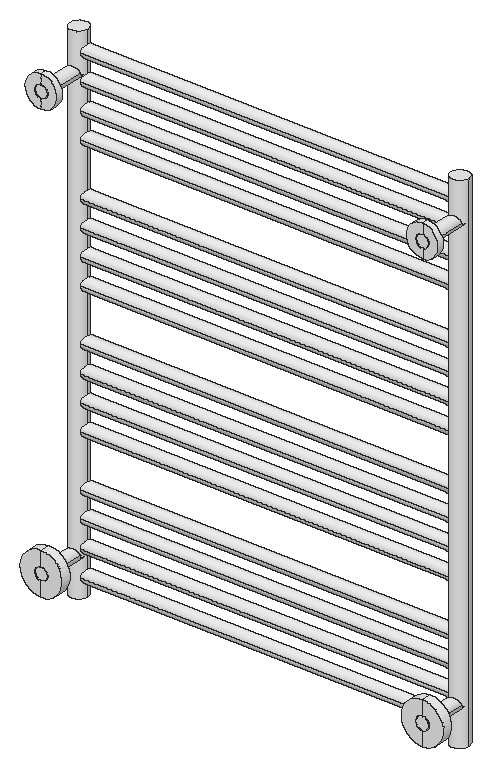
Revit family "ML-4", category Generic Models, host Wall, Revit 2017
Family settings
  Host = Wall
  Can host rebar = No
  Round Connector Dimension = Use Diameter
  Part Type = Normal
  Always vertical = Yes
  Cut with Voids When Loaded = No
  Shared = No
  Room Calculation Point = No
Parameters (values of type "600")
  URL = "http://www.sentakia.com/vesikiertoiset-pyyhekuivaimet/"
  Teho = "kromi: 224 W maalattu: 291 W"
  Sentakia_Material_Default = Stainless Steel, Polished_sentakia
  RAL-väri [instance] = no
  RAL-koodi [instance] = ""
  Model = "ML-4/600"
  Materiaali = "kromattu messinki (CuZn36As)"
  Manufacturer = "Sentakia Oy"
  Leveys = 600 mm
  LVI = "5487505"
  Keynote = "6120"
  Height = 800 mm  # constant formula
  EAN = "4770046008310"
  Depth = 88 mm  # constant formula
  Assembly Code = ""
Types (3, lengths in mm): name | Teho | Model | Leveys | LVI | EAN
  350 | "kromi: 163 W maalattu: 212 W" | "ML-4/350" | 350 | "5487503" | "4770046008297"
  500 | "kromi: 200 W maalattu: 260 W" | "ML-4/500" | 500 | "5487504" | "4770046008303"
  600 | "kromi: 224 W maalattu: 291 W" | "ML-4/600" | 600 | "5487505" | "4770046008310"
Reference planes
  plane 1 "Wall": y = 0
  plane 2 "Center (Left/Right)": x = 125
  plane 3 "Back": y = 75
  plane 4: z = 1860
  plane 5: y = 163
  plane 6: y = 135
  plane 7 "Center of lower handler": z = 1120
  plane 8: z = 1800
  plane 9: z = 1130
  plane 10: z = 1110
  plane 11 "r": x = 425
  plane 12 "l": x = -175
  plane 13: y = 149
  plane 14: y = 159
  plane 15: y = 139
  plane 16 "Tikas 6": z = 1624.444
  plane 17 "Tikas 8": z = 1542.222
  plane 18 "Tikas9": z = 1501.111
  plane 19 "Bottom": z = 1060
  plane 20 "Tikas 7": z = 1583.333
  plane 21 "Tikas 3": z = 1747.778
  plane 22 "Tikas 1": z = 1830
  plane 23 "Tikas 4": z = 1706.667
  plane 24 "Tikas 2": z = 1788.889
  plane 25 "Tikas 5": z = 1665.556
  plane 26 "Tikas10": z = 1460
  plane 27 "Tikas 11": z = 1418.889
  plane 28 "Tikas 12": z = 1377.778
  plane 29 "Tikas 13": z = 1336.667
  plane 30 "Tikas 14": z = 1295.556
  plane 31 "Tikas 15": z = 1254.444
  plane 32 "Tikas 16": z = 1213.333
  plane 33 "Tikas 17": z = 1172.222
  plane 34 "Tikas 18": z = 1131.111
  plane 35 "Tikas 19": z = 1090
Forms (mm)
  Extrusion 1, solid, material "Stainless Steel, Polished_sentakia" <- "Sentakia_Material_Default", detail levels medium+fine
    sketch origin (0, 0, 0) x (1, 0, 0) y (0, 0, 1)
      loop
        circle (425, 1120) r 10
    from -149 to -75
  Extrusion 2, solid, material "Stainless Steel, Polished_sentakia" <- "Sentakia_Material_Default", detail levels medium+fine
    sketch origin (0, 0, 0) x (1, 0, 0) y (0, 0, 1)
      loop
        circle (-175, 1120) r 10
    from -149 to -75
  Extrusion 3, solid, material "Stainless Steel, Polished_sentakia" <- "Sentakia_Material_Default", detail levels medium+fine
    sketch origin (0, 0, 310) x (1, 0, 0) y (0, 0, 1)
      loop
        circle (-175, 1490) r 10
    from -149 to -75
  Extrusion 4, solid, material "Stainless Steel, Polished_sentakia" <- "Sentakia_Material_Default", detail levels medium+fine
    sketch origin (0, 0, 0) x (1, 0, 0) y (0, 1, 0)
      loop
        circle (-175, 149) r 14
    from 1060 to 1860
  Extrusion 5, solid, material "Stainless Steel, Polished_sentakia" <- "Sentakia_Material_Default", detail levels medium+fine
    sketch origin (0, 0, 0) x (1, 0, 0) y (0, 1, 0)
      loop
        circle (425, 149) r 14
    from 1060 to 1860
  Revolve 6, solid, material "Stainless Steel, Polished_sentakia" <- "Sentakia_Material_Default", detail levels medium+fine
    sketch origin (425, 0, 0) x (0, 0, 1) y (0, 1, 0)
      loop
        line (1130, 75.434) -> (1153, 75.434) -> (1153, 90.434) -> (1130, 100.434) -> (1130, 75.434)
      axis (1120, 75.434) -> (1120, 100.434)
    angle from 0 to 360
  Revolve 7, solid, material "Stainless Steel, Polished_sentakia" <- "Sentakia_Material_Default", detail levels medium+fine
    sketch origin (-175, 0, 0) x (0, 0, 1) y (0, 1, 0)
      loop
        line (1130, 75) -> (1153, 75) -> (1153, 90) -> (1130, 100) -> (1130, 75)
      axis (1120, 75) -> (1120, 100)
    angle from 0 to 360
  Extrusion 8, solid, material "Stainless Steel, Polished_sentakia" <- "Sentakia_Material_Default", detail levels medium+fine
    sketch origin (125, 0, 0) x (0, 1, 0) y (0, 0, 1)
      loop
        circle (149, 1624.444) r 10
    from -300 to 300
  Extrusion 9, solid, material "Stainless Steel, Polished_sentakia" <- "Sentakia_Material_Default", detail levels medium+fine
    sketch origin (125, 0, -160) x (0, 1, 0) y (0, 0, 1)
      loop
        circle (149, 1702.222) r 10
    from -300 to 300
  Extrusion 10, solid, material "Stainless Steel, Polished_sentakia" <- "Sentakia_Material_Default", detail levels medium+fine
    sketch origin (125, 0, -320) x (0, 1, 0) y (0, 0, 1)
      loop
        circle (149, 1821.111) r 10
    from -300 to 300
  Revolve 11, solid, material "Stainless Steel, Polished_sentakia" <- "Sentakia_Material_Default", detail levels medium+fine
    sketch origin (425, 0, 0) x (0, 0, 1) y (0, 1, 0)
      loop
        line (1810, 75) -> (1825, 75) -> (1825, 85) -> (1810, 85) -> (1810, 75)
      axis (1800, 75) -> (1800, 85)
    angle from 0 to 360
  Revolve 12, solid, material "Stainless Steel, Polished_sentakia" <- "Sentakia_Material_Default", detail levels medium+fine
    sketch origin (-175, 0, 0) x (0, 0, 1) y (0, 1, 0)
      loop
        line (1810, 75) -> (1825, 75) -> (1825, 85) -> (1810, 85) -> (1810, 75)
      axis (1800, 75) -> (1800, 85)
    angle from 0 to 360
  Extrusion 13, solid, material "Stainless Steel, Polished_sentakia" <- "Sentakia_Material_Default", detail levels medium+fine
    sketch origin (0, 0, 0) x (1, 0, 0) y (0, 0, 1)
      loop
        circle (425, 1800) r 10
    from -149 to -75
  Extrusion 14, solid, material "Stainless Steel, Polished_sentakia" <- "Sentakia_Material_Default", detail levels coarse
    sketch origin (125, 0, 0) x (0, 1, 0) y (0, 0, 1)
      loop
        line (163, 1860) -> (75, 1860) -> (75, 1060) -> (163, 1060) -> (163, 1860)
    from -300 to 300
  Extrusion 15, solid, material "Stainless Steel, Polished_sentakia" <- "Sentakia_Material_Default", detail levels medium+fine
    sketch origin (125, 0, 22.057) x (0, 1, 0) y (0, 0, 1)
      loop
        circle (149, 1561.276) r 10
    from -300 to 300
  Extrusion 16, solid, material "Stainless Steel, Polished_sentakia" <- "Sentakia_Material_Default", detail levels medium+fine
    sketch origin (125, 0, 153.333) x (0, 1, 0) y (0, 0, 1)
      loop
        circle (149, 1594.444) r 10
    from -300 to 300
  Extrusion 17, solid, material "Stainless Steel, Polished_sentakia" <- "Sentakia_Material_Default", detail levels medium+fine
    sketch origin (125, 0, 306.667) x (0, 1, 0) y (0, 0, 1)
      loop
        circle (149, 1523.333) r 10
    from -300 to 300
  Extrusion 18, solid, material "Stainless Steel, Polished_sentakia" <- "Sentakia_Material_Default", detail levels medium+fine
    sketch origin (125, 0, 213.333) x (0, 1, 0) y (0, 0, 1)
      loop
        circle (149, 1575.556) r 10
    from -300 to 300
  Extrusion 19, solid, material "Stainless Steel, Polished_sentakia" <- "Sentakia_Material_Default", detail levels medium+fine
    sketch origin (125, 0, 73.333) x (0, 1, 0) y (0, 0, 1)
      loop
        circle (149, 1633.333) r 10
    from -300 to 300
  Extrusion 20, solid, material "Stainless Steel, Polished_sentakia" <- "Sentakia_Material_Default", detail levels medium+fine
    sketch origin (125, 0, -520) x (0, 1, 0) y (0, 0, 1)
      loop
        circle (149, 1938.889) r 10
    from -300 to 300
  Extrusion 21, solid, material "Stainless Steel, Polished_sentakia" <- "Sentakia_Material_Default", detail levels medium+fine
    sketch origin (125, 0, -550) x (0, 1, 0) y (0, 0, 1)
      loop
        circle (149, 1927.778) r 10
    from -300 to 300
  Extrusion 22, solid, material "Stainless Steel, Polished_sentakia" <- "Sentakia_Material_Default", detail levels medium+fine
    sketch origin (125, 0, -575) x (0, 1, 0) y (0, 0, 1)
      loop
        circle (149, 1911.667) r 10
    from -300 to 300
  Extrusion 23, solid, material "Stainless Steel, Polished_sentakia" <- "Sentakia_Material_Default", detail levels medium+fine
    sketch origin (125, 0, -630) x (0, 1, 0) y (0, 0, 1)
      loop
        circle (149, 1925.556) r 10
    from -300 to 300
  Extrusion 24, solid, material "Stainless Steel, Polished_sentakia" <- "Sentakia_Material_Default", detail levels medium+fine
    sketch origin (125, 0, -712.222) x (0, 1, 0) y (0, 0, 1)
      loop
        circle (149, 1925.556) r 10
    from -300 to 300
  Extrusion 25, solid, material "Stainless Steel, Polished_sentakia" <- "Sentakia_Material_Default", detail levels medium+fine
    sketch origin (125, 0, -753.333) x (0, 1, 0) y (0, 0, 1)
      loop
        circle (149, 1925.556) r 10
    from -300 to 300
  Extrusion 26, solid, material "Stainless Steel, Polished_sentakia" <- "Sentakia_Material_Default", detail levels medium+fine
    sketch origin (125, 0, -794.444) x (0, 1, 0) y (0, 0, 1)
      loop
        circle (149, 1925.556) r 10
    from -300 to 300
  Extrusion 27, solid, material "Stainless Steel, Polished_sentakia" <- "Sentakia_Material_Default", detail levels medium+fine
    sketch origin (125, 0, -835.556) x (0, 1, 0) y (0, 0, 1)
      loop
        circle (149, 1925.556) r 10
    from -300 to 300
Cuts and joins
  joined: Extrusion 4, Extrusion 5, Extrusion 8, Extrusion 9, Extrusion 10, Extrusion 15, Extrusion 16, Extrusion 17, Extrusion 18, Extrusion 19, Extrusion 20, Extrusion 21, Extrusion 22, Extrusion 23, Extrusion 24, Extrusion 25, Extrusion 26, Extrusion 27
Text (mm)
  text "Placement Side" at (-1848.837, 1116.779, 0), in view "Ref. Level"
  text "Placement side" at (0, 1409.804, 2854.306), in view "Left"
  text "Placement side" at (0, 499.811, 2980.732), in view "Right"
Dimensions and locks
  locked: plane 3 "Back" to host wall
  "Depth": plane 5 to host wall
  locked: plane 5 to plane 6 at 28
  "Leveys": plane 12 "l" to plane 11 "r"
  plane 8 to level = 1800 mm
  locked: host wall to plane 13 at 74
  locked: plane 14 to plane 15 at 20
  plane 19 "Bottom" to plane 7 "Center of lower handler" = 60 mm  (x2)
  plane 4 to plane 8 = 60 mm
  plane 8 to plane 7 "Center of lower handler" = 680 mm
  equal spacing: plane 12 "l", plane 2 "Center (Left/Right)", plane 11 "r"
  "Height": plane 19 "Bottom" to plane 4
  equal spacing: plane 35 "Tikas 19", plane 34 "Tikas 18", plane 33 "Tikas 17", plane 32 "Tikas 16", plane 31 "Tikas 15", plane 30 "Tikas 14", plane 29 "Tikas 13", plane 28 "Tikas 12", plane 27 "Tikas 11", plane 26 "Tikas10", plane 18 "Tikas9", plane 17 "Tikas 8", plane 20 "Tikas 7", plane 16 "Tikas 6", plane 25 "Tikas 5", plane 23 "Tikas 4", plane 21 "Tikas 3", plane 24 "Tikas 2", plane 22 "Tikas 1"
  plane 7 "Center of lower handler" to plane 8 = 680 mm
  aligned and locked: plane 1 "Wall" to host wall
  aligned and locked: Extrusion 1 to host wall
  aligned and locked: Extrusion 2 to host wall
  aligned and locked: Extrusion 3 to host wall
  aligned and locked: Extrusion 2 to plane 13
  aligned and locked: Extrusion 1 to Extrusion 2
  aligned and locked: plane 4 to Extrusion 4
  aligned and locked: plane 4 to Extrusion 5
  aligned and locked: plane 12 "l" to Extrusion 8
  aligned and locked: Extrusion 8 to plane 11 "r"
  aligned and locked: Extrusion 10 to plane 11 "r"
  aligned and locked: plane 12 "l" to Extrusion 10
  aligned and locked: Extrusion 9 to plane 11 "r"
  aligned and locked: plane 12 "l" to Extrusion 9
  aligned and locked: Revolve 11 sketch curve to plane 8
  aligned and locked: Revolve 12 sketch curve to plane 8
  aligned and locked: Extrusion 13 to host wall
  aligned and locked: plane 12 "l" to Extrusion 3 sketch curve
  aligned and locked: plane 7 "Center of lower handler" to Revolve 7 sketch curve
  aligned and locked: Revolve 6 sketch curve to plane 7 "Center of lower handler"
  aligned and locked: plane 11 "r" to Extrusion 13 sketch curve
  aligned and locked: plane 8 to Extrusion 13 sketch curve
  aligned and locked: Extrusion 3 to Extrusion 13
  aligned and locked: Extrusion 13 to plane 13
  aligned and locked: plane 3 "Back" to Revolve 7
  aligned and locked: cut or joined group 1 (Extrusion 4, Extrusion 5, Extrusion 8, Extrusion 9, Extrusion 10, Extrusion 15, Extrusion 16, Extrusion 17, Extrusion 18, Extrusion 19, Extrusion 20, Extrusion 21, Extrusion 22, Extrusion 23, Extrusion 24, Extrusion 25, Extrusion 26, Extrusion 27) to plane 19 "Bottom"  (x2)
  aligned and locked: plane 4 to Extrusion 14
  aligned and locked: Extrusion 14 to cut or joined group 1
  aligned and locked: Extrusion 14 to plane 11 "r"
  aligned and locked: plane 12 "l" to Extrusion 14
  aligned and locked: Extrusion 14 to host wall
  aligned and locked: Extrusion 15 to plane 11 "r"
  aligned and locked: plane 12 "l" to Extrusion 15
  aligned and locked: plane 12 "l" to Extrusion 16
  aligned and locked: Extrusion 16 to plane 11 "r"
  aligned and locked: Extrusion 17 to plane 11 "r"
  aligned and locked: plane 12 "l" to Extrusion 17
  aligned and locked: Extrusion 19 to plane 11 "r"
  aligned and locked: plane 12 "l" to Extrusion 19
  aligned and locked: Extrusion 18 to plane 11 "r"
  aligned and locked: plane 12 "l" to Extrusion 18
  aligned and locked: Extrusion 20 to plane 11 "r"
  aligned and locked: Extrusion 21 to plane 11 "r"
  aligned and locked: Extrusion 22 to plane 11 "r"
  aligned and locked: Extrusion 23 to plane 11 "r"
  aligned and locked: plane 12 "l" to Extrusion 23
  aligned and locked: plane 12 "l" to Extrusion 22
  aligned and locked: plane 12 "l" to Extrusion 21
  aligned and locked: plane 12 "l" to Extrusion 20
  aligned and locked: Extrusion 24 to plane 11 "r"
  aligned and locked: Extrusion 25 to plane 11 "r"
  aligned and locked: Extrusion 26 to plane 11 "r"
  aligned and locked: Extrusion 27 to plane 11 "r"
  aligned and locked: plane 12 "l" to Extrusion 27
  aligned and locked: plane 12 "l" to Extrusion 26
  aligned and locked: plane 12 "l" to Extrusion 25
  aligned and locked: plane 12 "l" to Extrusion 24
  aligned and locked: plane 11 "r" to Revolve 6 sketch curve
Automatic sketch dimensions
  Extrusion 1 sketch curve to plane 7 "Center of lower handler" = 0 mm
  plane 11 "r" to Extrusion 1 sketch curve = 0 mm
  Extrusion 2 sketch curve to plane 7 "Center of lower handler" = 0 mm
  plane 12 "l" to Extrusion 2 sketch curve = 0 mm
  Extrusion 3 sketch curve to plane 8 = 0 mm
  Extrusion 4 sketch curve to plane 12 "l" = 0 mm
  plane 13 to Extrusion 4 sketch curve = 0 mm
  Extrusion 5 sketch curve to plane 11 "r" = 0 mm
  plane 13 to Extrusion 5 sketch curve = 0 mm
  Extrusion 8 sketch curve to plane 13 = 0 mm
  Extrusion 8 sketch curve to plane 16 "Tikas 6" = 0 mm
  Extrusion 9 sketch curve to plane 13 = 0 mm
  Extrusion 9 sketch curve to plane 17 "Tikas 8" = 0 mm
  Extrusion 10 sketch curve to plane 13 = 0 mm
  plane 18 "Tikas9" to Extrusion 10 sketch curve = 0 mm
  Revolve 11 sketch curve to host wall = 0 mm  (x2)
  plane 8 to Revolve 11 sketch curve = 10 mm
  Revolve 11 sketch curve to plane 22 "Tikas 1" = 5 mm
  host wall to Revolve 11 sketch curve = 10 mm
  plane 6 to Revolve 11 sketch curve = 20 mm
  Revolve 12 sketch curve to host wall = 0 mm  (x2)
  Revolve 12 sketch curve to Revolve 12 sketch curve = 10 mm
  Revolve 12 sketch curve to plane 22 "Tikas 1" = 5 mm
  host wall to Revolve 12 sketch curve = 10 mm
  plane 6 to Revolve 12 sketch curve = 20 mm
  Extrusion 14 sketch curve to host wall = 0 mm
  Extrusion 14 sketch curve to plane 5 = 0 mm
  Extrusion 14 sketch curve to plane 19 "Bottom" = 0 mm
  Extrusion 14 sketch curve to plane 4 = 0 mm
  Extrusion 15 sketch curve to plane 13 = 0 mm
  Extrusion 15 sketch curve to plane 20 "Tikas 7" = 0 mm
  Extrusion 16 sketch curve to plane 13 = 0 mm
  Extrusion 16 sketch curve to plane 21 "Tikas 3" = 0 mm
  Extrusion 17 sketch curve to plane 13 = 0 mm
  Extrusion 17 sketch curve to plane 22 "Tikas 1" = 0 mm
  Extrusion 18 sketch curve to plane 13 = 0 mm
  Extrusion 18 sketch curve to plane 24 "Tikas 2" = 0 mm
  Extrusion 19 sketch curve to plane 13 = 0 mm
  Extrusion 19 sketch curve to plane 23 "Tikas 4" = 0 mm
  Extrusion 20 sketch curve to plane 13 = 0 mm
  Extrusion 20 sketch curve to plane 27 "Tikas 11" = 0 mm
  Extrusion 21 sketch curve to plane 13 = 0 mm
  Extrusion 21 sketch curve to plane 28 "Tikas 12" = 0 mm
  Extrusion 22 sketch curve to plane 13 = 0 mm
  Extrusion 22 sketch curve to plane 29 "Tikas 13" = 0 mm
  Extrusion 23 sketch curve to plane 13 = 0 mm
  Extrusion 23 sketch curve to plane 30 "Tikas 14" = 0 mm
  Extrusion 24 sketch curve to plane 13 = 0 mm
  Extrusion 24 sketch curve to plane 32 "Tikas 16" = 0 mm
  Extrusion 25 sketch curve to plane 13 = 0 mm
  Extrusion 25 sketch curve to plane 33 "Tikas 17" = 0 mm
  Extrusion 26 sketch curve to plane 13 = 0 mm
  Extrusion 26 sketch curve to plane 34 "Tikas 18" = 0 mm
  Extrusion 27 sketch curve to plane 13 = 0 mm
  Extrusion 27 sketch curve to plane 35 "Tikas 19" = 0 mm
  Revolve 6 sketch curve to plane 9 = 0 mm
  host wall to Revolve 6 sketch curve = 0.434 mm
  Revolve 6 sketch curve to plane 33 "Tikas 17" = 19.222 mm
  plane 6 to Revolve 6 sketch curve = 34.566 mm
  Revolve 6 sketch curve to host wall = 0.781 mm
  Revolve 6 sketch curve to Revolve 6 sketch curve = 15 mm
  plane 6 to Revolve 6 sketch curve = 13.43 mm
  Revolve 7 sketch curve to plane 9 = 0 mm
  Revolve 7 sketch curve to host wall = 0 mm
  Revolve 7 sketch curve to plane 33 "Tikas 17" = 19.222 mm
  host wall to Revolve 7 sketch curve = 15 mm
  Revolve 7 sketch curve to host wall = 0.781 mm
  host wall to Revolve 7 sketch curve = 25 mm
  plane 6 to Revolve 7 sketch curve = 13.43 mm
  radius of Extrusion 1 sketch curve = 10 mm
  radius of Extrusion 2 sketch curve = 10 mm
  radius of Extrusion 3 sketch curve = 10 mm
  radius of Extrusion 4 sketch curve = 14 mm
  radius of Extrusion 5 sketch curve = 14 mm
  radius of Extrusion 8 sketch curve = 10 mm
  radius of Extrusion 9 sketch curve = 10 mm
  radius of Extrusion 10 sketch curve = 10 mm
  radius of Extrusion 13 sketch curve = 10 mm
  radius of Extrusion 15 sketch curve = 10 mm
  radius of Extrusion 16 sketch curve = 10 mm
  radius of Extrusion 17 sketch curve = 10 mm
  radius of Extrusion 18 sketch curve = 10 mm
  radius of Extrusion 19 sketch curve = 10 mm
  radius of Extrusion 20 sketch curve = 10 mm
  radius of Extrusion 21 sketch curve = 10 mm
  radius of Extrusion 22 sketch curve = 10 mm
  radius of Extrusion 23 sketch curve = 10 mm
  radius of Extrusion 24 sketch curve = 10 mm
  radius of Extrusion 25 sketch curve = 10 mm
  radius of Extrusion 26 sketch curve = 10 mm
  radius of Extrusion 27 sketch curve = 10 mm
Connectors
  piping at (425, 75, 1120), diameter 12
    settings: on Extrusion 1, index 1, connector inside diameter 609.6 mm, connector length 0 mm, flow factor 0, pipe flow 0.0 L/s, pressure drop 0.0 Pa, fitting loss kfactor 0, connector angle 0.00°, fixture units 0, engagement length 0 mm, angle of deflection 0.00°, flow configuration 0, flow direction 0, fitting loss method 0, system type 22, joint type 0, gender type 0, connector reference index -1, connector utility 0, adjustable connector no, is connector primary yes, connector description ""
  piping at (425, 75, 1120), diameter 12
    settings: on Extrusion 1, index 2, connector inside diameter 609.6 mm, connector length 0 mm, flow factor 0, pipe flow 0.0 L/s, pressure drop 0.0 Pa, fitting loss kfactor 0, connector angle 0.00°, fixture units 0, engagement length 0 mm, angle of deflection 0.00°, flow configuration 0, flow direction 0, fitting loss method 0, system type 22, joint type 0, gender type 0, connector reference index -1, connector utility 0, adjustable connector no, is connector primary no, connector description ""
  piping at (-175, 75, 1120), diameter 12
    settings: on Extrusion 2, index 3, connector inside diameter 609.6 mm, connector length 0 mm, flow factor 0, pipe flow 0.0 L/s, pressure drop 0.0 Pa, fitting loss kfactor 0, connector angle 0.00°, fixture units 0, engagement length 0 mm, angle of deflection 0.00°, flow configuration 0, flow direction 0, fitting loss method 0, system type 22, joint type 0, gender type 0, connector reference index -1, connector utility 0, adjustable connector no, is connector primary no, connector description ""
